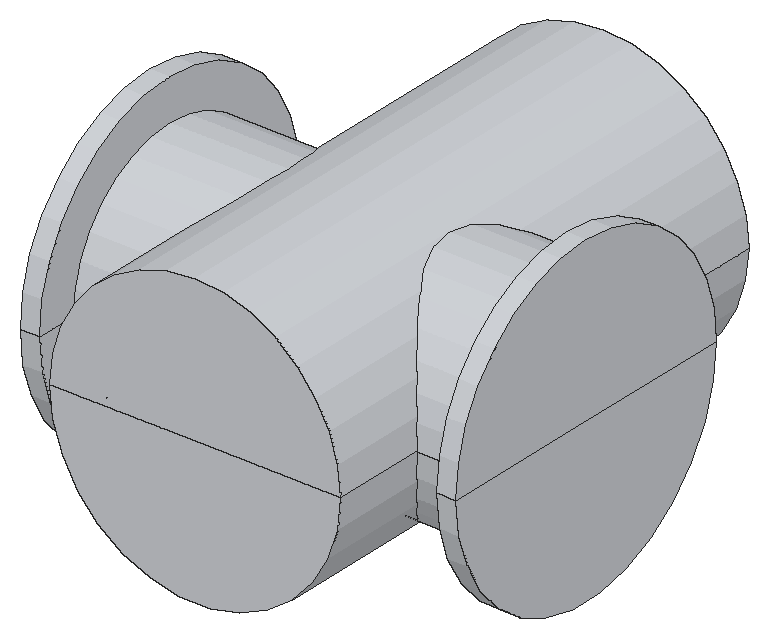
Revit family "UV aggregat", category Pipe Accessories, Revit 2020
Family settings
  Round Connector Dimension = Use Diameter
  Part Type = Valve - Breaks Into
  OmniClass Number = 23.75.00.00
  OmniClass Title = Climate Control (HVAC)
  Work Plane-Based = No
  Always vertical = Yes
  Cut with Voids When Loaded = No
  Shared = No
Parameters
  ytre_diameter_uv_kammer = 600 mm
  ytre_diameter_flens = 670 mm
  flense_tykkelse = 40 mm
  DN = 500 mm
  B = 446 mm
  A = 1052 mm
  C = 900 mm
  Default Elevation = 0 mm
Reference planes
  plane 1 "Center (Front/Back)": y = 0
  plane 2: z = 0
  plane 3 "Center (Left/Right)": x = 0
  plane 4: x = -410
  plane 5: x = 410
  plane 6: y = 335
  plane 7: y = -335
  plane 8: y = 250
  plane 9: y = -250
  plane 10: y = -446
  plane 11: y = 606
  plane 12: x = 300
  plane 13: x = -300
  plane 14 "f3": x = -450
  plane 15 "f4": x = 450
Forms (mm)
  Revolve 1, solid
    sketch origin (0, 0, 0) x (1, 0, 0) y (0, 1, 0)
      loop
        line (-450, 0) -> (450, 0) -> (450, 335) -> (410, 335) -> (410, 250) -> (-410, 250) -> (-410, 335) -> (-450, 335) -> (-450, 0)
      axis (-450, 0) -> (450, 0)
    angle from 0 to 360
  Revolve 2, solid
    sketch origin (0, 0, 0) x (1, 0, 0) y (0, 1, 0)
      loop
        line (0, 606) -> (0, -446) -> (300, -446) -> (300, 606) -> (0, 606)
      axis (0, 606) -> (0, -446)
    angle from 0 to 360
Dimensions and locks
  equal spacing: plane 6, plane 1 "Center (Front/Back)", plane 7
  "ytre_diameter_flens": plane 6 to plane 7
  equal spacing: plane 8, plane 1 "Center (Front/Back)", plane 9
  "DN": plane 8 to plane 9
  "B": plane 10 to plane 1 "Center (Front/Back)"
  "A": plane 11 to plane 10
  equal spacing: plane 13, plane 3 "Center (Left/Right)", plane 12
  "ytre_diameter_uv_kammer": plane 13 to plane 12
  equal spacing: plane 14 "f3", plane 3 "Center (Left/Right)", plane 15 "f4"
  "flense_tykkelse": Revolve 1 to Revolve 1  (x2)
  "C": plane 14 "f3" to plane 15 "f4"
  aligned and locked: level to plane 2
  aligned and locked: Revolve 1 sketch curve to plane 15 "f4"
  aligned and locked: Revolve 1 sketch curve to plane 14 "f3"
Automatic sketch dimensions
  plane 1 "Center (Front/Back)" to Revolve 1 sketch curve = 0 mm  (x2)
  Revolve 1 sketch curve to plane 4 = 0 mm
  Revolve 1 sketch curve to plane 5 = 0 mm
  Revolve 1 sketch curve to plane 8 = 0 mm
  Revolve 1 sketch curve to plane 6 = 0 mm  (x2)
  Revolve 2 sketch curve to plane 3 "Center (Left/Right)" = 0 mm  (x2)
  Revolve 2 sketch curve to plane 11 = 0 mm  (x2)
  Revolve 2 sketch curve to plane 12 = 0 mm
  Revolve 2 sketch curve to plane 10 = 0 mm  (x2)
  Revolve 1 sketch curve to plane 5 = 40 mm
  Revolve 1 sketch curve to plane 4 = 40 mm
Connectors
  piping at (-450, 0, 0), diameter 500, driven by "DN"
    settings: index 1, connector inside diameter 609.6 mm, connector length 0 mm, flow factor 0, pipe flow 0.0 L/s, pressure drop 0.0 Pa, fitting loss kfactor 0, connector angle 0.00°, fixture units 0, engagement length 0 mm, angle of deflection 0.00°, flow configuration 0, flow direction 0, fitting loss method 0, system type 7, joint type 0, gender type 0, connector reference index -1, connector utility 0, adjustable connector no, is connector primary yes, connector description ""
  piping at (450, 0, 0), diameter 500, driven by "DN"
    settings: index 2, connector inside diameter 609.6 mm, connector length 0 mm, flow factor 0, pipe flow 0.0 L/s, pressure drop 0.0 Pa, fitting loss kfactor 0, connector angle 0.00°, fixture units 0, engagement length 0 mm, angle of deflection 0.00°, flow configuration 0, flow direction 0, fitting loss method 0, system type 7, joint type 0, gender type 0, connector reference index -1, connector utility 0, adjustable connector no, is connector primary no, connector description ""
